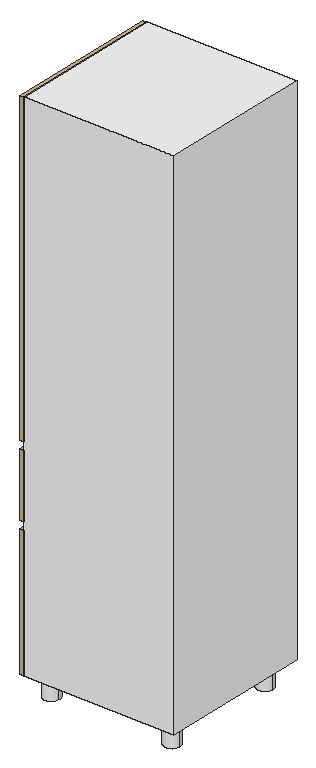
Revit family "125521711_Alacena Soho", category Mobiliario, Revit 2019
Family settings
  Número OmniClass = 23.21.23.39
  Título OmniClass = Residential Kitchen and Dining Room Furniture
  Se basa en plano de trabajo = No
  Siempre vertical = Sí
  Corte con vacíos al cargar = No
  Compartido = No
  Punto de cálculo de habitación = No
Parameters (values of type "Ref. 125521711 MIEL + PLOMO")
  URL = "https://corona.co/productos/muebles-para-cocinas/alacena-soho/p/125521711"
  Resistencia a la humedad = "Hinchamiento < o =8%."  # constant formula
  Profundidad = 595 mm
  Peso Neto aprox = "61.5 kg."  # constant formula
  Model = ""
  Material puertas = Corona_Madera_Aglomerada_Miel
  Material pieza interior = Corona_Madera_Aglomerada_Plomo
  Material patas = Corona_Acero
  Material estructura = Corona_Madera_Blanco
  Fabricante = "Corona"  # constant formula
  Garantia mueble y herrajes = "1 año"  # constant formula
  Dimensiones generales producto (H * W * D) = "H 2090 x W 592 x L 595 mm."  # constant formula
  Descripción = "Complemento ideal para la Cocina Soho brindando un espacio\r\nadicional de almacenamiento. Cuenta con gabinete superior y dos cajones\r\ninferiores para tener siempre a la mano los elementos de cocina y alimentos."  # constant formula
  Densidad = "15 mms 670 kg./m^3.\r\n3 mms 742 kg./m^3."  # constant formula
  Date Created = "13/07/2020"  # constant formula
  Created by = "IDD"  # constant formula
  Carga Máxima = "70 kg."  # constant formula
  Assembly Code = ""
  Ancho = 592 mm
  Alto = 2090 mm
Reference planes
  plane 1 "Center (Front/Back)": y = 0
  plane 2: z = 0
  plane 3 "Center (Left/Right)": x = 0
  plane 4: x = -297.5
  plane 5: x = 297.5
  plane 6: y = -577
  plane 7: z = 2090
  plane 8: y = -592
  plane 9: x = -282.5
  plane 10: x = 282.5
  plane 11: y = -15
  plane 12: z = 85
  plane 13: z = 2075
  plane 14: z = 100
  plane 15: z = 895
  plane 16: z = 865
  plane 17: z = 618
  plane 18: z = 588
  plane 19: z = 1974.5
  plane 20: x = -102.5
  plane 21: y = -20
  plane 22: x = -278.5
Forms (mm)
  Extrusion 1, solid, material "Corona_Madera_Blanco" <- "Material estructura", detail levels medium+fine
    sketch origin (0, 0, 0) x (1, 0, 0) y (0, 1, 0)
      loop
        line (-282.5, 0) -> (-282.5, -592) -> (297.5, -592) -> (297.5, 0) -> (-282.5, 0)
    from 85 to 2090
  Extrusion 2, void, detail levels medium+fine
    sketch origin (0, 0, 0) x (1, 0, 0) y (0, 1, 0)
      loop
        line (-282.5, -15) -> (-282.5, -577) -> (282.5, -577) -> (282.5, -15) -> (-282.5, -15)
    from 100 to 2075
  Extrusion 3, solid, material "Corona_Madera_Aglomerada_Miel" <- "Material puertas", detail levels medium+fine
    sketch origin (0, 0, 0) x (1, 0, 0) y (0, 1, 0)
      loop
        line (-282.5, 0) -> (-297.5, 0) -> (-297.5, -592) -> (-282.5, -592) -> (-282.5, 0)
    from 85 to 588
  Extrusion 4, solid, material "Corona_Madera_Aglomerada_Miel" <- "Material puertas", detail levels medium+fine
    sketch origin (0, 0, 277) x (1, 0, 0) y (0, 1, 0)
      loop
        line (-282.5, 0) -> (-297.5, 0) -> (-297.5, -592) -> (-282.5, -592) -> (-282.5, 0)
    from 341 to 588
  Extrusion 5, solid, material "Corona_Madera_Aglomerada_Miel" <- "Material puertas", detail levels medium+fine
    sketch origin (0, 0, 1327) x (1, 0, 0) y (0, 1, 0)
      loop
        line (-282.5, 0) -> (-297.5, 0) -> (-297.5, -592) -> (-282.5, -592) -> (-282.5, 0)
    from -432 to 763
  Extrusion 6, solid, material "Corona_Madera_Blanco" <- "Material estructura", detail levels medium+fine
    sketch origin (0, 0, -77.5) x (1, 0, 0) y (0, 0, 1)
      loop
        line (-102.5, 1859.5) -> (-102.5, 1844.5) -> (282.5, 1844.5) -> (282.5, 1859.5) -> (-102.5, 1859.5)
    from 20 to 577
  Extrusion 7, solid, material "Corona_Madera_Blanco" <- "Material estructura", detail levels medium+fine
    sketch origin (0, 0, -427.3) x (1, 0, 0) y (0, 0, 1)
      loop
        line (-278.5, 1859.5) -> (-278.5, 1844.5) -> (282.5, 1844.5) -> (282.5, 1859.5) -> (-278.5, 1859.5)
    from 20 to 577
  Extrusion 8, solid, material "Corona_Madera_Blanco" <- "Material estructura", detail levels medium+fine
    sketch origin (4.8, 0, -932.1) x (1, 0, 0) y (0, 0, 1)
      loop
        line (-283.3, 1859.5) -> (-283.3, 1844.5) -> (277.7, 1844.5) -> (277.7, 1859.5) -> (-283.3, 1859.5)
    from 20 to 577
  Extrusion 9, solid, material "Corona_Madera_Blanco" <- "Material estructura", detail levels medium+fine
    sketch origin (179.6, 0, -1196.9) x (1, 0, 0) y (0, 0, 1)
      loop
        line (-462.1, 1859.5) -> (-462.1, 1844.5) -> (21.229, 1844.5) -> (21.229, 1859.5) -> (-462.1, 1859.5)
    from 32.5 to 559.5
  Extrusion 10, solid, material "Corona_Madera_Aglomerada_Plomo" <- "Material pieza interior", detail levels medium+fine
    sketch origin (234.6, 0, -1046.9) x (1, 0, 0) y (0, 0, 1)
      loop
        line (-513.1, 1859.5) -> (-513.1, 1844.5) -> (-408.977, 1844.5) -> (-408.977, 1859.5) -> (-513.1, 1859.5)
    from 20 to 577
  Extrusion 11, solid, material "Corona_Madera_Aglomerada_Plomo" <- "Material pieza interior", detail levels medium+fine
    sketch origin (239.4, 0, -1341.7) x (1, 0, 0) y (0, 0, 1)
      loop
        line (-517.9, 1859.5) -> (-517.9, 1844.5) -> (-413.777, 1844.5) -> (-413.777, 1859.5) -> (-517.9, 1859.5)
    from 20 to 577
  Extrusion 12, solid, material "Corona_Madera_Aglomerada_Plomo" <- "Material pieza interior", detail levels medium+fine
    sketch origin (1594.5, 0, 1332.1) x (0, 0, 1) y (-1, 0, 0)
      loop
        line (-519.5, 1859.5) -> (-519.5, 1844.5) -> (-419.7, 1844.5) -> (-419.7, 1859.5) -> (-519.5, 1859.5)
    from 20 to 577
  Extrusion 13, solid, material "Corona_Madera_Aglomerada_Plomo" <- "Material pieza interior", detail levels medium+fine
    sketch origin (1594.5, 0, 1037.3) x (0, 0, 1) y (-1, 0, 0)
      loop
        line (-519.5, 1859.5) -> (-519.5, 1844.5) -> (-419.3, 1844.5) -> (-419.3, 1859.5) -> (-519.5, 1859.5)
    from 20 to 577
  Extrusion 14, solid, material "Corona_Madera_Blanco" <- "Material estructura", detail levels medium+fine
    sketch origin (2060.329, 0, 1172.1) x (0, 0, 1) y (-1, 0, 0)
      loop
        line (-524.5, 1859.5) -> (-524.5, 1844.5) -> (-374.5, 1844.5) -> (-374.5, 1859.5) -> (-524.5, 1859.5)
    from 32.5 to 559.5
  Extrusion 15, solid, material "Corona_Madera_Blanco" <- "Material estructura", detail levels medium+fine
    sketch origin (0, -12.5, 0) x (0, 1, 0) y (0, 0, 1)
      loop
        line (-20, 797.6) -> (-35, 797.6) -> (-35, 662.6) -> (-20, 662.6) -> (-20, 797.6)
    from -282.5 to 200.829
  Extrusion 16, solid, material "Corona_Madera_Blanco" <- "Material estructura", detail levels medium+fine
    sketch origin (0, -579.5, 0) x (0, -1, 0) y (0, 0, -1)
      loop
        line (-20, -797.6) -> (-20, -662.6) -> (-35, -662.6) -> (-35, -797.6) -> (-20, -797.6)
    from -282.5 to 200.829
  Extrusion 17, solid, material "Corona_Acero" <- "Material patas", detail levels medium+fine
    sketch origin (0, 0, 0) x (1, 0, 0) y (0, 1, 0)
      loop
        circle (232.929, -70.925) r 30
      loop
        circle (232.929, -521.075) r 30
      loop
        circle (-232.929, -70.925) r 30
      loop
        circle (-232.929, -521.075) r 30
    from 0 to 85
  Extrusion 18, solid, material "Corona_Madera_Blanco" <- "Material estructura", detail levels coarse
    sketch origin (0, 0, 0) x (1, 0, 0) y (0, 1, 0)
      loop
        line (-297.5, -592) -> (297.5, -592) -> (297.5, 0) -> (-297.5, 0) -> (-297.5, -592)
    from 0 to 2090
Cuts and joins
  Extrusion 2 cuts Extrusion 1
Dimensions and locks
  equal spacing: plane 4, plane 3 "Center (Left/Right)", plane 5
  "Ancho": plane 8 to plane 1 "Center (Front/Back)"
  "Alto": level to plane 7
  plane 6 to plane 8 = 15 mm  (x2)
  plane 4 to plane 9 = 15 mm
  plane 10 to plane 5 = 15 mm
  plane 11 to plane 1 "Center (Front/Back)" = 15 mm
  plane 2 to plane 12 = 85 mm
  plane 12 to plane 14 = 15 mm
  plane 13 to plane 7 = 15 mm
  plane 5 to plane 4 = 595 mm
  plane 5 to plane 10 = 15 mm
  plane 9 to plane 4 = 15 mm
  "Profundidad": plane 4 to plane 5
  plane 18 to plane 12 = 503 mm
  plane 16 to plane 17 = 247 mm
  plane 7 to plane 15 = 1195 mm
  plane 13 to plane 19 = 100.5 mm
  plane 5 to plane 20 = 400 mm
  plane 1 "Center (Front/Back)" to plane 8 = 592 mm
  plane 1 "Center (Front/Back)" to plane 11 = 15 mm
  plane 21 to cut or joined group of Extrusion 1, Extrusion 2 = 557 mm
  Extrusion 14 to Extrusion 14 = 15 mm
  Extrusion 14 to Extrusion 9 = 150 mm
  Extrusion 8 to Extrusion 8 = 15 mm
  Extrusion 7 to Extrusion 7 = 15 mm
  Extrusion 6 to Extrusion 6 = 15 mm
  plane 10 to plane 22 = 561 mm
  plane 7 to level = 2090 mm
  plane 14 to level = 100 mm
  cut or joined group of Extrusion 1, Extrusion 2 to cut or joined group of Extrusion 1, Extrusion 2 = 562 mm
  aligned and locked: level to plane 2
  aligned and locked: plane 1 "Center (Front/Back)" to Extrusion 1 sketch curve
  aligned and locked: Extrusion 1 sketch curve to plane 5
  aligned and locked: plane 8 to Extrusion 1 sketch curve
  aligned and locked: plane 11 to Extrusion 2 sketch curve
  aligned and locked: Extrusion 2 sketch curve to plane 10
  aligned and locked: plane 6 to Extrusion 2 sketch curve
  aligned and locked: plane 7 to Extrusion 1
  aligned and locked: Extrusion 1 to plane 12
  aligned and locked: plane 13 to Extrusion 2
  aligned and locked: Extrusion 2 to plane 14
  aligned and locked: Extrusion 2 to plane 9
  aligned and locked: Extrusion 1 to plane 9
  aligned and locked: Extrusion 3 sketch curve to cut or joined group of Extrusion 1, Extrusion 2
  aligned and locked: Extrusion 3 sketch curve to plane 4
  aligned and locked: Extrusion 3 sketch curve to plane 1 "Center (Front/Back)"
  aligned and locked: Extrusion 3 sketch curve to plane 8
  aligned and locked: plane 18 to Extrusion 3
  aligned and locked: Extrusion 3 to plane 12
  aligned and locked: plane 16 to Extrusion 4
  aligned and locked: Extrusion 4 to plane 17
  aligned and locked: plane 7 to Extrusion 5
  aligned and locked: Extrusion 5 to plane 15
  aligned and locked: Extrusion 6 to plane 21
  aligned and locked: plane 22 to Extrusion 11
  aligned and locked: Extrusion 8 to Extrusion 10
  aligned and locked: plane 22 to Extrusion 8
  aligned and locked: plane 22 to Extrusion 7
  aligned and locked: Extrusion 9 to plane 9
  aligned and locked: Extrusion 18 to plane 8
  aligned and locked: plane 5 to Extrusion 18
  aligned and locked: Extrusion 18 to plane 1 "Center (Front/Back)"
  aligned and locked: Extrusion 18 to plane 4
Automatic sketch dimensions
  Extrusion 1 sketch curve to plane 9 = 0 mm
  Extrusion 2 sketch curve to plane 9 = 0 mm
  plane 1 "Center (Front/Back)" to Extrusion 4 sketch curve = 0 mm
  Extrusion 4 sketch curve to plane 4 = 0 mm
  Extrusion 4 sketch curve to plane 8 = 0 mm
  Extrusion 4 sketch curve to plane 9 = 0 mm
  plane 1 "Center (Front/Back)" to Extrusion 5 sketch curve = 0 mm
  Extrusion 5 sketch curve to plane 4 = 0 mm
  Extrusion 5 sketch curve to plane 8 = 0 mm
  Extrusion 5 sketch curve to plane 9 = 0 mm
  Extrusion 6 sketch curve to plane 20 = 0 mm
  Extrusion 6 sketch curve to plane 10 = 0 mm
  Extrusion 6 sketch curve to plane 19 = 207.5 mm
  Extrusion 6 sketch curve to Extrusion 6 sketch curve = 15 mm
  plane 22 to Extrusion 7 sketch curve = 0 mm
  Extrusion 7 sketch curve to plane 10 = 0 mm
  plane 15 to Extrusion 7 sketch curve = 522.2 mm
  Extrusion 7 sketch curve to Extrusion 7 sketch curve = 15 mm
  plane 22 to Extrusion 8 sketch curve = 0 mm
  Extrusion 8 sketch curve to plane 10 = 0 mm
  plane 15 to Extrusion 8 sketch curve = 17.4 mm
  Extrusion 8 sketch curve to Extrusion 8 sketch curve = 15 mm
  Extrusion 9 sketch curve to plane 9 = 0 mm
  plane 17 to Extrusion 9 sketch curve = 29.6 mm
  Extrusion 9 sketch curve to plane 10 = 81.671 mm
  Extrusion 9 sketch curve to Extrusion 9 sketch curve = 15 mm
  plane 22 to Extrusion 10 sketch curve = 0 mm
  Extrusion 10 sketch curve to plane 20 = 71.877 mm
  Extrusion 10 sketch curve to plane 16 = 67.4 mm
  Extrusion 10 sketch curve to Extrusion 10 sketch curve = 15 mm
  plane 22 to Extrusion 11 sketch curve = 0 mm
  Extrusion 11 sketch curve to plane 20 = 71.877 mm
  Extrusion 11 sketch curve to plane 18 = 85.2 mm
  Extrusion 11 sketch curve to Extrusion 11 sketch curve = 15 mm
  Extrusion 12 sketch curve to plane 16 = 52.4 mm
  plane 15 to Extrusion 12 sketch curve = 17.4 mm
  Extrusion 12 sketch curve to plane 22 = 28.5 mm
  Extrusion 12 sketch curve to plane 22 = 13.5 mm
  Extrusion 13 sketch curve to plane 17 = 0 mm
  Extrusion 13 sketch curve to plane 22 = 13.5 mm
  Extrusion 13 sketch curve to plane 18 = 70.2 mm
  Extrusion 13 sketch curve to Extrusion 13 sketch curve = 15 mm
  plane 17 to Extrusion 14 sketch curve = 29.6 mm
  Extrusion 14 sketch curve to plane 16 = 67.4 mm
  Extrusion 14 sketch curve to plane 10 = 66.671 mm
  Extrusion 14 sketch curve to Extrusion 14 sketch curve = 15 mm
  plane 21 to Extrusion 15 sketch curve = 27.5 mm
  plane 21 to Extrusion 15 sketch curve = 12.5 mm
  plane 17 to Extrusion 15 sketch curve = 44.6 mm
  Extrusion 15 sketch curve to plane 16 = 67.4 mm
  Extrusion 16 sketch curve to plane 6 = 32.5 mm
  Extrusion 16 sketch curve to Extrusion 16 sketch curve = 15 mm
  Extrusion 16 sketch curve to plane 17 = 44.6 mm
  plane 16 to Extrusion 16 sketch curve = 67.4 mm
  Extrusion 17 sketch curve to plane 10 = 49.571 mm  (x2)
  Extrusion 17 sketch curve to plane 22 = 45.571 mm  (x2)
  plane 6 to Extrusion 17 sketch curve = 55.925 mm  (x2)
  plane 21 to Extrusion 17 sketch curve = 50.925 mm  (x2)
  plane 5 to Extrusion 18 sketch curve = 0 mm
  Extrusion 18 sketch curve to plane 1 "Center (Front/Back)" = 0 mm
  Extrusion 18 sketch curve to plane 4 = 0 mm
  Extrusion 18 sketch curve to plane 8 = 0 mm
  radius of Extrusion 17 sketch curve = 30 mm  (x4)
Nested families
  nested 1: "Family7" at (0, 0, 0), type "Family7"
  nested 2: "Family8" at (-0.029, 0, 0) x (1, 0, 0) z (0, -1, 0), type "Family8"
  nested 3: "Family9" at (0, -296, 0) x (0, 1, 0) z (1, 0, 0), type "Family9"
Definition of nested family "Family7"
  Reference planes
    plane 1 "Center (Front/Back)": y = 0
    plane 2: z = 0
    plane 3 "Center (Left/Right)": x = 0
  Lines and regions (mm)
    detail lines, in view "Ref. Level"
      curve 1: line (-297.5, -592, 0) -> (-297.5, 0, 0)
      curve 2: line (-297.5, 0, 0) -> (297.5, 0, 0)
      curve 3: line (297.5, 0, 0) -> (297.5, -592, 0)
      curve 4: line (297.5, -592, 0) -> (-297.5, -592, 0)
      curve 5: line (-282.5, -15, 0) -> (282.5, -15, 0)
      curve 6: line (282.5, -577, 0) -> (-282.5, -577, 0)
      curve 7: line (-282.5, -592, 0) -> (-282.5, 0, 0)
      curve 8: line (282.5, -15, 0) -> (282.5, -577, 0)
      curve 9: line (-282.5, -559.5, 0) -> (215.8, -559.5, 0)
      curve 10: line (-282.5, -544.5, 0) -> (200.8, -544.5, 0)
      curve 11: line (-282.5, -47.5, 0) -> (200.8, -47.5, 0)
      curve 12: line (-282.5, -32.5, 0) -> (215.8, -32.5, 0)
      curve 13: line (-117.5, -15, 0) -> (-117.5, -577, 0)
      curve 14: line (215.8, -559.5, 0) -> (215.8, -32.5, 0)
      curve 15: line (200.8, -559.5, 0) -> (200.8, -32.5, 0)
      curve 16: line (-189.4, -15, 0) -> (-189.4, -577, 0)
      curve 17: line (-250, -577, 0) -> (-250, -15, 0)
      curve 18: line (-265, -577, 0) -> (-265, -15, 0)
Definition of nested family "Family8"
  Reference planes
    plane 1 "Center (Front/Back)": y = 0
    plane 2: z = 0
    plane 3 "Center (Left/Right)": x = 0
  Lines and regions (mm)
    detail lines, in view "Ref. Level"
      curve 1: line (-297.5, 84.992, 0) -> (297.5, 84.992, 0)
      curve 2: line (-297.5, 84.992, 0) -> (-297.5, 2090, 0)
      curve 3: line (297.5, 84.992, 0) -> (297.5, 2090, 0)
      curve 4: line (297.5, 2090, 0) -> (-297.5, 2090, 0)
      curve 5: line (297.5, 2075, 0) -> (-297.5, 2075, 0)
      curve 6: line (-297.5, 99.992, 0) -> (297.5, 99.992, 0)
      curve 7: line (-282.5, 84.992, 0) -> (-282.5, 2090, 0)
      curve 8: line (282.5, 84.992, 0) -> (282.5, 2090, 0)
      curve 9: line (-297.5, 588.511, 0) -> (-282.5, 588.511, 0)
      curve 10: line (-297.5, 618.511, 0) -> (-282.5, 618.511, 0)
      curve 11: line (-297.5, 865.511, 0) -> (-282.5, 865.511, 0)
      curve 12: line (-297.5, 895.511, 0) -> (-282.5, 895.511, 0)
      curve 13: line (282.5, 1782, 0) -> (-117.5, 1782, 0)
      curve 14: line (282.5, 1767, 0) -> (-117.5, 1767, 0)
      curve 15: line (-117.5, 1782, 0) -> (-117.5, 1767, 0)
      curve 16: line (282.5, 1432.2, 0) -> (-282.5, 1432.2, 0)
      curve 17: line (282.5, 1417.2, 0) -> (-282.5, 1417.2, 0)
      curve 18: line (282.5, 927.4, 0) -> (-282.5, 927.4, 0)
      curve 19: line (282.5, 912.4, 0) -> (-282.5, 912.4, 0)
      curve 20: line (-250, 912.4, 0) -> (-250, 812.6, 0)
      curve 21: line (-265, 912.4, 0) -> (-265, 812.6, 0)
      curve 22: line (-265, 812.6, 0) -> (-250, 812.6, 0)
      curve 23: line (-174.4, 812.6, 0) -> (-282.5, 812.6, 0)
      curve 24: line (-174.4, 797.6, 0) -> (-282.5, 797.6, 0)
      curve 25: line (-174.4, 812.6, 0) -> (-174.4, 797.6, 0)
      curve 26: line (215.8, 647.6, 0) -> (-282.5, 647.6, 0)
      curve 27: line (215.8, 662.6, 0) -> (-282.5, 662.6, 0)
      curve 28: line (215.8, 647.6, 0) -> (215.8, 797.6, 0)
      curve 29: line (200.8, 662.6, 0) -> (200.8, 797.6, 0)
      curve 30: line (215.8, 797.6, 0) -> (200.8, 797.6, 0)
      curve 31: line (-250, 618.511, 0) -> (-250, 518.711, 0)
      curve 32: line (-265, 618.511, 0) -> (-265, 518.711, 0)
      curve 33: line (-265, 518.711, 0) -> (-250, 518.711, 0)
      curve 34: line (-174.4, 518.711, 0) -> (-282.5, 518.711, 0)
      curve 35: line (-174.4, 503.711, 0) -> (-282.5, 503.711, 0)
      curve 36: line (-174.4, 518.711, 0) -> (-174.4, 503.711, 0)
      curve 37: line (-250, 618.511, 0) -> (-265, 618.511, 0)
      curve 38: line (-262.9, 0, 0) -> (-262.9, 84.992, 0)
      curve 39: line (262.9, 0, 0) -> (262.9, 84.992, 0)
      curve 40: line (-202.9, 84.992, 0) -> (-202.9, 0, 0)
      curve 41: line (202.9, 0, 0) -> (202.9, 84.992, 0)
      curve 42: line (-262.9, 0, 0) -> (-202.9, 0, 0)
      curve 43: line (202.9, 0, 0) -> (262.9, 0, 0)
Definition of nested family "Family9"
  Reference planes
    plane 1 "Center (Front/Back)": y = 0
    plane 2: z = 0
    plane 3 "Center (Left/Right)": x = 0
  Lines and regions (mm)
    detail lines, in view "Ref. Level"
      curve 1: line (-296, 85, 0) -> (296, 85, 0)
      curve 2: line (296, 85, 0) -> (296, 2090, 0)
      curve 3: line (296, 2090, 0) -> (-296, 2090, 0)
      curve 4: line (-296, 2090, 0) -> (-296, 85, 0)
      curve 5: line (-296, 100, 0) -> (296, 100, 0)
      curve 6: line (-281, 2090, 0) -> (-281, 85, 0)
      curve 7: line (281, 85, 0) -> (281, 2090, 0)
      curve 8: line (296, 2075, 0) -> (-296, 2075, 0)
      curve 9: line (-255.1, 0, 0) -> (-255.1, 85, 0)
      curve 10: line (263.829, 0, 0) -> (263.829, 85, 0)
      curve 11: line (-195.1, 85, 0) -> (-195.1, 0, 0)
      curve 12: line (203.829, 0, 0) -> (203.829, 85, 0)
      curve 13: line (-255.1, 0, 0) -> (-195.1, 0, 0)
      curve 14: line (203.829, 0, 0) -> (263.829, 0, 0)
      curve 15: line (281, 1974.5, 0) -> (-281, 1974.5, 0)
      curve 16: line (281, 1782, 0) -> (-281, 1782, 0)
      curve 17: line (281, 1767, 0) -> (-281, 1767, 0)
      curve 18: line (281, 1432.2, 0) -> (-281, 1432.2, 0)
      curve 19: line (281, 1417.2, 0) -> (-281, 1417.2, 0)
      curve 20: line (281, 927.4, 0) -> (-281, 927.4, 0)
      curve 21: line (281, 912.4, 0) -> (-281, 912.4, 0)
      curve 22: line (281, 812.6, 0) -> (-281, 812.6, 0)
      curve 23: line (281, 797.6, 0) -> (-281, 797.6, 0)
      curve 24: line (266, 662.6, 0) -> (-266, 662.6, 0)
      curve 25: line (266, 647.6, 0) -> (-266, 647.6, 0)
      curve 26: line (281, 518.7, 0) -> (-281, 518.7, 0)
      curve 27: line (281, 503.7, 0) -> (-281, 503.7, 0)
      curve 28: line (-296, 588, 0) -> (296, 588, 0)
      curve 29: line (-296, 618, 0) -> (296, 618, 0)
      curve 30: line (-296, 865, 0) -> (296, 865, 0)
      curve 31: line (266, 647.6, 0) -> (266, 797.6, 0)
      curve 32: line (-266, 647.6, 0) -> (-266, 797.6, 0)
      curve 33: line (-251, 662.6, 0) -> (-251, 797.6, 0)
      curve 34: line (251, 662.6, 0) -> (251, 797.6, 0)
